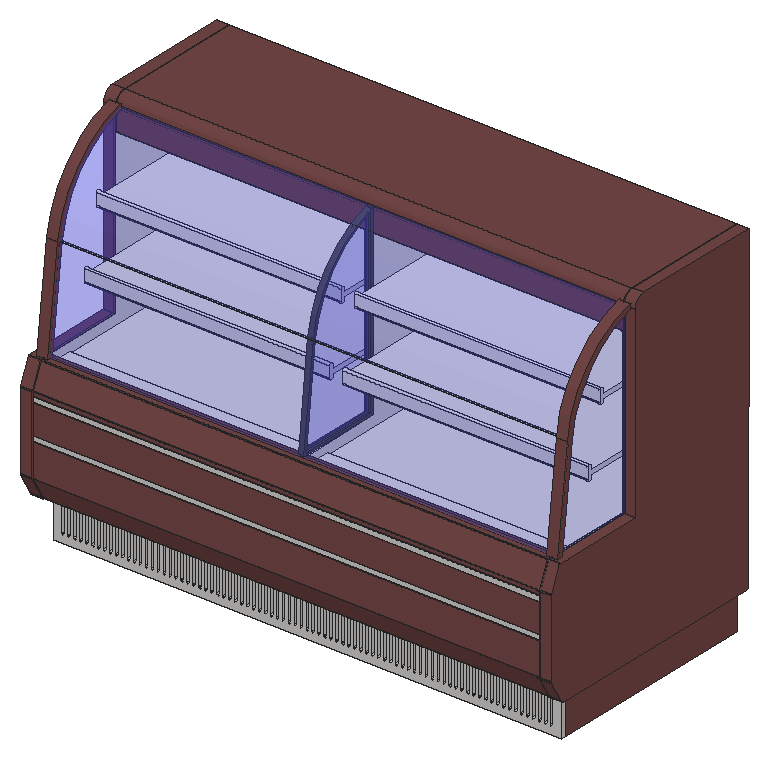
Revit family "QF_Turbo Air_TCGB-72-CO", category Specialty Equipment, Revit 2014 (continued)
Automatic sketch dimensions
  plane 14 "Bottom Front" to Extrusion 3 sketch curve = 0' - 0.63919"
  Extrusion 3 sketch curve to plane 14 "Bottom Front" = 0' - 0.04309"
  Extrusion 3 sketch curve to plane 13 "TOP" = 0' - 1 3/4"
  Extrusion 3 sketch curve to plane 14 "Bottom Front" = 0' - 10"
  Extrusion 3 sketch curve to Extrusion 3 sketch curve = 0' - 1 1/2"
  Extrusion 3 sketch curve to plane 18 "Upper Shelf" = 0' - 4.05903"
  Extrusion 3 sketch curve to Extrusion 3 sketch curve = 0' - 2.18672"
  Extrusion 3 sketch curve to Extrusion 3 sketch curve = 0' - 0.08456"
  Extrusion 3 sketch curve to Extrusion 3 sketch curve = 0' - 0 1/4"
  Extrusion 4 sketch curve to Extrusion 4 sketch curve = 0' - 0"  (x2)
  Extrusion 4 sketch curve to plane 10 "Panel Lower" = 0' - 0"
  Extrusion 4 sketch curve to plane 5 "FRONT" = 0' - 1.93234"
  Extrusion 4 sketch curve to Extrusion 4 sketch curve = 0' - 0.69266"
  plane 14 "Bottom Front" to Extrusion 4 sketch curve = 0' - 0.63919"
  Extrusion 4 sketch curve to plane 14 "Bottom Front" = 0' - 0.04309"
  Extrusion 4 sketch curve to plane 13 "TOP" = 0' - 1 3/4"
  Extrusion 4 sketch curve to plane 14 "Bottom Front" = 0' - 10"
  Extrusion 4 sketch curve to Extrusion 4 sketch curve = 0' - 1 1/2"
  Extrusion 4 sketch curve to plane 18 "Upper Shelf" = 0' - 4.05903"
  Extrusion 4 sketch curve to Extrusion 4 sketch curve = 0' - 2.18672"
  Extrusion 4 sketch curve to Extrusion 4 sketch curve = 0' - 0.08456"
  Extrusion 4 sketch curve to Extrusion 4 sketch curve = 0' - 0 1/4"
  Extrusion 5 sketch curve to plane 10 "Panel Lower" = 0' - 0"
  plane 14 "Bottom Front" to Extrusion 5 sketch curve = 0' - 1 5/8"
  Extrusion 5 sketch curve to plane 14 "Bottom Front" = 0' - 0.04309"
  Extrusion 5 sketch curve to plane 14 "Bottom Front" = 0' - 10"
  Extrusion 5 sketch curve to plane 18 "Upper Shelf" = 0' - 4.05903"
  Extrusion 5 sketch curve to Extrusion 5 sketch curve = 0' - 3.68672"
  Extrusion 5 sketch curve to plane 18 "Upper Shelf" = 0' - 2.35202"
  Extrusion 6 sketch curve to plane 10 "Panel Lower" = 0' - 0"
  plane 14 "Bottom Front" to Extrusion 6 sketch curve = 0' - 1 5/8"
  Extrusion 6 sketch curve to plane 14 "Bottom Front" = 0' - 0.04309"
  Extrusion 6 sketch curve to plane 14 "Bottom Front" = 0' - 10"
  Extrusion 6 sketch curve to plane 18 "Upper Shelf" = 0' - 4.05903"
  Extrusion 6 sketch curve to Extrusion 6 sketch curve = 0' - 3.68672"
  Extrusion 6 sketch curve to plane 18 "Upper Shelf" = 0' - 2.35202"
  Extrusion 7 sketch curve to Extrusion 7 sketch curve = 0' - 0"  (x2)
  Extrusion 7 sketch curve to plane 13 "TOP" = 0' - 0"
  Extrusion 7 sketch curve to plane 19 "Door Top" = 0' - 0"
  Extrusion 7 sketch curve to plane 20 "Door Bottom" = 0' - 0"
  Extrusion 7 sketch curve to plane 9 "BACK" = 0' - 0"  (x2)
  Extrusion 7 sketch curve to Extrusion 7 sketch curve = 0' - 2 3/8"
  Extrusion 7 sketch curve to plane 13 "TOP" = 0' - 0 3/4"
  plane 9 "BACK" to Extrusion 7 sketch curve = 0' - 2 3/8"
  Extrusion 7 sketch curve to plane 14 "Bottom Front" = 0' - 11 1/2"
  Extrusion 7 sketch curve to Extrusion 7 sketch curve = 0' - 1.15244"
  Extrusion 7 sketch curve to Extrusion 7 sketch curve = 0' - 0.22256"
  Extrusion 7 sketch curve to plane 11 "Inside Bottom" = 0' - 6 13/16"
  Extrusion 7 sketch curve to plane 19 "Door Top" = 0' - 1 1/16"
  Extrusion 9 sketch curve to plane 14 "Bottom Front" = 0' - 0 1/4"
  plane 9 "BACK" to Extrusion 9 sketch curve = 0' - 0 1/4"
  Extrusion 9 sketch curve to plane 8 "Inside Right" = 0' - 0 1/4"
  plane 7 "Inside Left" to Extrusion 9 sketch curve = 0' - 0 1/4"
  Extrusion 10 sketch curve to plane 8 "Inside Right" = 0' - 0"
  Extrusion 12 sketch curve to plane 19 "Door Top" = 0' - 0"
  Extrusion 12 sketch curve to plane 20 "Door Bottom" = 0' - 0"
  Extrusion 12 sketch curve to plane 9 "BACK" = 0' - 0"
  plane 9 "BACK" to Extrusion 12 sketch curve = 0' - 2 3/8"
  Extrusion 13 sketch curve to plane 19 "Door Top" = 0' - 0"
  Extrusion 13 sketch curve to plane 20 "Door Bottom" = 0' - 0"
  Extrusion 13 sketch curve to plane 9 "BACK" = 0' - 0"
  plane 9 "BACK" to Extrusion 13 sketch curve = 0' - 2 3/8"
  Extrusion 14 sketch curve to Extrusion 14 sketch curve = 0' - 0"  (x2)
  Extrusion 14 sketch curve to plane 10 "Panel Lower" = 0' - 0"
  plane 14 "Bottom Front" to Extrusion 14 sketch curve = 0' - 2.06579"
  Extrusion 14 sketch curve to Extrusion 14 sketch curve = 0' - 0.37782"
  plane 14 "Bottom Front" to Extrusion 14 sketch curve = 0' - 0.39109"
  plane 14 "Bottom Front" to Extrusion 14 sketch curve = 0' - 0.01894"
  Extrusion 14 sketch curve to plane 13 "TOP" = 0' - 1.68514"
  Extrusion 14 sketch curve to plane 14 "Bottom Front" = 0' - 10"
  Extrusion 14 sketch curve to Extrusion 14 sketch curve = 0' - 1 1/2"
  Extrusion 14 sketch curve to plane 18 "Upper Shelf" = 0' - 4.05903"
  Extrusion 14 sketch curve to Extrusion 14 sketch curve = 0' - 2.18672"
  Extrusion 14 sketch curve to Extrusion 14 sketch curve = 0' - 0.04612"
  Extrusion 14 sketch curve to Extrusion 14 sketch curve = 0' - 0.18514"
  Extrusion 15 sketch curve to plane 10 "Panel Lower" = 0' - 0"
  Extrusion 15 sketch curve to plane 14 "Bottom Front" = 0' - 0"
  Extrusion 15 sketch curve to plane 10 "Panel Lower" = 0' - 0 3/8"
  plane 14 "Bottom Front" to Extrusion 15 sketch curve = 0' - 1.20917"
  plane 12 "Panel Bottom" to Extrusion 15 sketch curve = 0' - 0 1/2"
  Extrusion 15 sketch curve to plane 5 "FRONT" = 0' - 2.09151"
  Extrusion 15 sketch curve to Extrusion 15 sketch curve = 0' - 0.14434"
  plane 12 "Panel Bottom" to Extrusion 15 sketch curve = 0' - 0 3/16"
  Extrusion 15 sketch curve to Extrusion 15 sketch curve = 0' - 0.10825"
  Extrusion 15 sketch curve to Extrusion 15 sketch curve = 0' - 1.29074"
  Extrusion 15 sketch curve to plane 10 "Panel Lower" = 0' - 0 1/8"
  Extrusion 15 sketch curve to Extrusion 15 sketch curve = 0' - 0.16283"
  Extrusion 15 sketch curve to plane 10 "Panel Lower" = 0' - 0.07447"
  Extrusion 15 sketch curve to plane 5 "FRONT" = 0' - 0 7/16"  (x3)
  Extrusion 15 sketch curve to plane 5 "FRONT" = 0' - 0 3/16"  (x2)
  Extrusion 15 sketch curve to plane 5 "FRONT" = 0' - 0.07925"
  Extrusion 15 sketch curve to plane 5 "FRONT" = 0' - 0.07317"
  Extrusion 15 sketch curve to plane 5 "FRONT" = 0' - 0 1/16"  (x3)
  plane 12 "Panel Bottom" to Extrusion 15 sketch curve = 0' - 0 1/8"
  plane 12 "Panel Bottom" to Extrusion 15 sketch curve = 0' - 3.23534"
  Extrusion 15 sketch curve to Extrusion 15 sketch curve = 0' - 0.06699"
  Extrusion 15 sketch curve to Extrusion 15 sketch curve = 0' - 4.43208"
  Extrusion 15 sketch curve to Extrusion 15 sketch curve = 0' - 0 3/4"
  Extrusion 15 sketch curve to plane 11 "Inside Bottom" = 0' - 2.5156"
  Extrusion 15 sketch curve to Extrusion 15 sketch curve = 0' - 0 13/16"
  Extrusion 15 sketch curve to Extrusion 15 sketch curve = 0' - 0.48332"
  Extrusion 15 sketch curve to Extrusion 15 sketch curve = 0' - 0.05278"
  Extrusion 16 sketch curve to plane 5 "FRONT" = 0' - 0 1/16"  (x2)
  Extrusion 16 sketch curve to Extrusion 16 sketch curve = 0' - 0 3/8"  (x2)
  Extrusion 16 sketch curve to plane 11 "Inside Bottom" = 0' - 7.2031"
  Extrusion 16 sketch curve to Extrusion 16 sketch curve = 0' - 0 5/8"
  Extrusion 16 sketch curve to plane 11 "Inside Bottom" = 0' - 2.4531"
  Extrusion 16 sketch curve to Extrusion 16 sketch curve = 0' - 0 11/16"
  Extrusion 17 sketch curve to plane 14 "Bottom Front" = 0' - 0"
  Extrusion 17 sketch curve to plane 11 "Inside Bottom" = 0' - 0"
  Extrusion 17 sketch curve to plane 20 "Door Bottom" = 0' - 0 1/16"
  plane 14 "Bottom Front" to Extrusion 17 sketch curve = 0' - 1.20917"
  plane 12 "Panel Bottom" to Extrusion 17 sketch curve = 0' - 0 1/2"
  Extrusion 17 sketch curve to plane 5 "FRONT" = 0' - 2.09151"
  Extrusion 17 sketch curve to plane 10 "Panel Lower" = 0' - 0 3/8"
  Extrusion 17 sketch curve to Extrusion 17 sketch curve = 0' - 1.29074"
  Extrusion 17 sketch curve to plane 5 "FRONT" = 0' - 0 7/16"
  Extrusion 17 sketch curve to plane 14 "Bottom Front" = 0' - 1 7/8"
  plane 9 "BACK" to Extrusion 17 sketch curve = 0' - 2 3/8"
  Extrusion 17 sketch curve to Extrusion 17 sketch curve = 0' - 2.86482"
  Extrusion 17 sketch curve to Extrusion 17 sketch curve = 0' - 4.88518"
  Extrusion 17 sketch curve to plane 11 "Inside Bottom" = 0' - 1.21978"
  Extrusion 18 sketch curve to plane 11 "Inside Bottom" = 0' - 0"
  plane 9 "BACK" to Extrusion 18 sketch curve = 0' - 5 1/8"
  Extrusion 18 sketch curve to plane 13 "TOP" = 0' - 0 3/4"
  plane 9 "BACK" to Extrusion 18 sketch curve = 0' - 2 3/8"
  Extrusion 19 sketch curve to plane 11 "Inside Bottom" = 0' - 0"
  plane 9 "BACK" to Extrusion 19 sketch curve = 0' - 5 1/8"
  Extrusion 19 sketch curve to plane 13 "TOP" = 0' - 0 3/4"
  plane 9 "BACK" to Extrusion 19 sketch curve = 0' - 2 3/8"
  Extrusion 20 sketch curve to plane 20 "Door Bottom" = 0' - 0"
  Extrusion 20 sketch curve to plane 19 "Door Top" = 0' - 0"
  Extrusion 20 sketch curve to plane 11 "Inside Bottom" = 0' - 0"
  Extrusion 20 sketch curve to plane 13 "TOP" = 0' - 0 3/4"
  plane 9 "BACK" to Extrusion 20 sketch curve = 0' - 5 1/8"  (x2)
  plane 9 "BACK" to Extrusion 20 sketch curve = 0' - 2 3/8"  (x2)
  Extrusion 21 sketch curve to plane 13 "TOP" = 0' - 1 3/4"
  Extrusion 21 sketch curve to plane 14 "Bottom Front" = 0' - 10 1/8"
  Extrusion 21 sketch curve to Extrusion 21 sketch curve = 0' - 0.22256"
  Extrusion 21 sketch curve to Extrusion 21 sketch curve = 0' - 1.15244"
  Extrusion 21 sketch curve to Extrusion 21 sketch curve = 0' - 0 1/8"
  plane 19 "Door Top" to Extrusion 21 sketch curve = 0' - 0 13/16"
  plane 9 "BACK" to Extrusion 21 sketch curve = 0' - 5 1/8"
  Extrusion 21 sketch curve to Extrusion 21 sketch curve = 0' - 0 1/4"
  Extrusion 22 sketch curve to plane 10 "Panel Lower" = 0' - 0"
  Extrusion 22 sketch curve to plane 11 "Inside Bottom" = 0' - 0"  (x3)
  Extrusion 22 sketch curve to plane 20 "Door Bottom" = 0' - 0 1/16"
  plane 14 "Bottom Front" to Extrusion 22 sketch curve = 0' - 1.20917"
  Extrusion 22 sketch curve to plane 14 "Bottom Front" = 0' - 1 7/8"
  Extrusion 22 sketch curve to Extrusion 22 sketch curve = 0' - 0 1/16"  (x3)
  Extrusion 22 sketch curve to Extrusion 22 sketch curve = 0' - 8 1/16"
  plane 19 "Door Top" to Extrusion 22 sketch curve = 0' - 0 13/16"
  Extrusion 22 sketch curve to Extrusion 22 sketch curve = 0' - 1 1/2"  (x2)
  Extrusion 22 sketch curve to plane 20 "Door Bottom" = 0' - 0 3/8"  (x2)
  plane 9 "BACK" to Extrusion 22 sketch curve = 0' - 6 3/4"
  plane 9 "BACK" to Extrusion 22 sketch curve = 0' - 5 1/8"
  Extrusion 22 sketch curve to plane 19 "Door Top" = 0' - 1 1/16"
  Extrusion 22 sketch curve to plane 13 "TOP" = 0' - 1 3/4"
  Extrusion 23 sketch curve to plane 10 "Panel Lower" = 0' - 0"
  Extrusion 23 sketch curve to plane 11 "Inside Bottom" = 0' - 0"  (x3)
  Extrusion 23 sketch curve to plane 20 "Door Bottom" = 0' - 0 1/16"
  plane 14 "Bottom Front" to Extrusion 23 sketch curve = 0' - 1.20917"
  Extrusion 23 sketch curve to plane 14 "Bottom Front" = 0' - 1 7/8"
  Extrusion 23 sketch curve to Extrusion 23 sketch curve = 0' - 0 1/16"  (x3)
  Extrusion 23 sketch curve to Extrusion 23 sketch curve = 0' - 8 1/16"
  plane 19 "Door Top" to Extrusion 23 sketch curve = 0' - 0 13/16"
  Extrusion 23 sketch curve to Extrusion 23 sketch curve = 0' - 1 1/2"  (x2)
  Extrusion 23 sketch curve to plane 20 "Door Bottom" = 0' - 0 3/8"  (x2)
  plane 9 "BACK" to Extrusion 23 sketch curve = 0' - 6 3/4"
  plane 9 "BACK" to Extrusion 23 sketch curve = 0' - 5 1/8"
  Extrusion 23 sketch curve to plane 19 "Door Top" = 0' - 1 1/16"
  Extrusion 23 sketch curve to plane 13 "TOP" = 0' - 1 3/4"
  Extrusion 24 sketch curve to plane 11 "Inside Bottom" = 0' - 0"  (x2)
  Extrusion 24 sketch curve to plane 20 "Door Bottom" = 0' - 0 3/8"  (x2)
  Extrusion 24 sketch curve to plane 14 "Bottom Front" = 0' - 1 15/16"
  plane 9 "BACK" to Extrusion 24 sketch curve = 0' - 6 3/4"
  Extrusion 24 sketch curve to Extrusion 24 sketch curve = 0' - 0 1/16"
  Extrusion 24 sketch curve to Extrusion 24 sketch curve = 0' - 1 1/2"
  Extrusion 25 sketch curve to plane 17 "Lower Shelf" = 0' - 0"
  Extrusion 25 sketch curve to plane 18 "Upper Shelf" = 0' - 0"
  Extrusion 25 sketch curve to plane 17 "Lower Shelf" = 0' - 1"
  Extrusion 25 sketch curve to plane 14 "Bottom Front" = 0' - 4 3/8"
  Extrusion 25 sketch curve to Extrusion 25 sketch curve = 0' - 0 3/16"  (x4)
  Extrusion 25 sketch curve to plane 18 "Upper Shelf" = 0' - 1"
  Extrusion 25 sketch curve to plane 14 "Bottom Front" = 0' - 6 3/8"
  plane 9 "BACK" to Extrusion 25 sketch curve = 0' - 5 1/8"  (x2)
  Extrusion 25 sketch curve to plane 17 "Lower Shelf" = 0' - 0 5/8"
  plane 17 "Lower Shelf" to Extrusion 25 sketch curve = 0' - 0 9/16"
  Extrusion 25 sketch curve to plane 18 "Upper Shelf" = 0' - 0 5/8"
  plane 18 "Upper Shelf" to Extrusion 25 sketch curve = 0' - 0 9/16"
  Extrusion 30 sketch curve to plane 9 "BACK" = 0' - 0"
  Extrusion 30 sketch curve to plane 1 "Handle Back" = 0' - 0"
  Extrusion 30 sketch curve to plane 17 "Lower Shelf" = 0' - 2 1/8"
  Extrusion 30 sketch curve to Extrusion 30 sketch curve = 0' - 0 1/2"  (x2)
  plane 18 "Upper Shelf" to Extrusion 30 sketch curve = 0' - 0 5/8"
  plane 9 "BACK" to Extrusion 31 sketch curve = 0' - 1 3/16"
  plane 9 "BACK" to Extrusion 31 sketch curve = 0' - 0 7/16"
  Extrusion 31 sketch curve to plane 17 "Lower Shelf" = 0' - 2 1/8"
  Extrusion 31 sketch curve to Extrusion 31 sketch curve = 0' - 0 1/2"  (x2)
  plane 18 "Upper Shelf" to Extrusion 31 sketch curve = 0' - 0 5/8"
  Extrusion 34 sketch curve to plane 17 "Lower Shelf" = 0' - 0"
  Extrusion 34 sketch curve to plane 18 "Upper Shelf" = 0' - 0"
  Extrusion 34 sketch curve to plane 17 "Lower Shelf" = 0' - 1"
  Extrusion 34 sketch curve to plane 14 "Bottom Front" = 0' - 4 3/8"
  Extrusion 34 sketch curve to Extrusion 34 sketch curve = 0' - 0 3/16"  (x4)
  Extrusion 34 sketch curve to plane 18 "Upper Shelf" = 0' - 1"
  Extrusion 34 sketch curve to plane 14 "Bottom Front" = 0' - 6 3/8"
  plane 9 "BACK" to Extrusion 34 sketch curve = 0' - 5 1/8"  (x2)
  Extrusion 34 sketch curve to plane 17 "Lower Shelf" = 0' - 0 5/8"
  plane 17 "Lower Shelf" to Extrusion 34 sketch curve = 0' - 0 9/16"
  Extrusion 34 sketch curve to Extrusion 34 sketch curve = 0' - 0 5/8"
  plane 18 "Upper Shelf" to Extrusion 34 sketch curve = 0' - 0 9/16"
  Extrusion 36 sketch curve to plane 11 "Inside Bottom" = 0' - 0"  (x2)
  Extrusion 36 sketch curve to plane 20 "Door Bottom" = 0' - 0 3/8"  (x2)
  Extrusion 36 sketch curve to plane 14 "Bottom Front" = 0' - 1 15/16"
  plane 9 "BACK" to Extrusion 36 sketch curve = 0' - 6 3/4"
  Extrusion 36 sketch curve to Extrusion 36 sketch curve = 0' - 0 1/16"
  Extrusion 36 sketch curve to Extrusion 36 sketch curve = 0' - 1 1/2"
  Extrusion 37 sketch curve to plane 10 "Panel Lower" = 0' - 0"
  plane 14 "Bottom Front" to Extrusion 37 sketch curve = 0' - 0.01894"
  Extrusion 37 sketch curve to plane 18 "Upper Shelf" = 0' - 4.05903"
  Extrusion 37 sketch curve to plane 18 "Upper Shelf" = 0' - 2.34434"
  Extrusion 37 sketch curve to Extrusion 37 sketch curve = 0' - 0 1/4"
  Extrusion 37 sketch curve to Extrusion 37 sketch curve = 0' - 0.33281"
  plane 10 "Panel Lower" to Extrusion 37 sketch curve = 0' - 0 1/4"
  Extrusion 37 sketch curve to Extrusion 37 sketch curve = 0' - 0.28257"
  Extrusion 37 sketch curve to Extrusion 37 sketch curve = 0' - 0.03075"
  Extrusion 37 sketch curve to Extrusion 37 sketch curve = 0' - 0"  (x2)
  Extrusion 37 sketch curve to Extrusion 37 sketch curve = 0' - 0.2481"
  plane 19 "Door Top" to Extrusion 38 sketch curve = 0' - 1.54455"
  Extrusion 38 sketch curve to plane 14 "Bottom Front" = 0' - 9 3/4"
  Extrusion 38 sketch curve to plane 18 "Upper Shelf" = 0' - 4.05903"
  Extrusion 38 sketch curve to Extrusion 38 sketch curve = 0' - 3.93672"
  Extrusion 38 sketch curve to plane 14 "Bottom Front" = 0' - 0.22916"
  plane 10 "Panel Lower" to Extrusion 38 sketch curve = 0' - 0 1/4"
  plane 14 "Bottom Front" to Extrusion 38 sketch curve = 0' - 1.4054"
  Extrusion 37 sketch curve to Extrusion 37 sketch curve = 0' - 11.4054"
  Extrusion 37 sketch curve to plane 14 "Bottom Front" = 0' - 9 3/4"
  Extrusion 35 sketch curve to plane 11 "Inside Bottom" = 0' - 0"
  Extrusion 35 sketch curve to plane 10 "Panel Lower" = 0' - 0"
  Extrusion 35 sketch curve to plane 19 "Door Top" = 0' - 0"
  Extrusion 35 sketch curve to plane 20 "Door Bottom" = 0' - 0"
  Extrusion 35 sketch curve to plane 20 "Door Bottom" = 0' - 0 1/16"
  plane 14 "Bottom Front" to Extrusion 35 sketch curve = 0' - 1.20917"
  Extrusion 35 sketch curve to plane 14 "Bottom Front" = 0' - 1 7/8"
  Extrusion 35 sketch curve to plane 19 "Door Top" = 0' - 1 1/16"
  Extrusion 35 sketch curve to plane 14 "Bottom Front" = 0' - 10"
  Extrusion 35 sketch curve to Extrusion 35 sketch curve = 0' - 0 1/16"
  Extrusion 35 sketch curve to Extrusion 35 sketch curve = 0' - 1 1/2"
  plane 9 "BACK" to Extrusion 35 sketch curve = 0' - 5 1/8"  (x2)
  plane 9 "BACK" to Extrusion 35 sketch curve = 0' - 2 3/8"
  Extrusion 35 sketch curve to Extrusion 35 sketch curve = 0' - 0 13/16"
  Extrusion 35 sketch curve to plane 13 "TOP" = 0' - 1 3/4"
  curve 11 to plane 7 "Inside Left" = 0' - 0"
  plane 1 "Handle Back" to curve 18 = 0' - 0"
  curve 17 to plane 8 "Inside Right" = 0' - 0"
  curve 16 to plane 8 "Inside Right" = 0' - 0"
  curve 18 to plane 16 "Door Right" = 0' - 1"
  curve 18 to curve 20 = 0' - 0 1/4"
  plane 22 to curve 26 = 0' - 0 1/4"
  curve 25 to plane 23 = 0' - 0 1/4"
  curve 13 to curve 24 = 0' - 0.25188"
  plane 14 "Bottom Front" to curve 26 = 0' - 0.39109"
  curve 21 to curve 12 = 0' - 0.07996"
  curve 22 to curve 12 = 0' - 0.07996"
  curve 9 to curve 6 = 0' - 0.07996"
  Extrusion 11 sketch curve to plane 15 "Door Left" = 0' - 0"
  Extrusion 11 sketch curve to plane 22 = 0' - 0"
  Extrusion 11 sketch curve to plane 21 "CENTER LR" = 0' - 0"
  Extrusion 11 sketch curve to plane 23 = 0' - 0"
  Extrusion 11 sketch curve to plane 16 "Door Right" = 0' - 0"
  Extrusion 11 sketch curve to plane 15 "Door Left" = 0' - 0 3/16"
  Extrusion 11 sketch curve to Extrusion 11 sketch curve = 0' - 0 7/16"  (x78)
  Extrusion 11 sketch curve to Extrusion 11 sketch curve = 0' - 0 3/16"  (x80)
  Extrusion 11 sketch curve to plane 22 = 0' - 0 3/8"
  plane 23 to Extrusion 11 sketch curve = 0' - 0 3/16"
  plane 6 "Bottom" to Extrusion 11 sketch curve = 0' - 1 1/4"  (x12)
  Extrusion 11 sketch curve to Extrusion 11 sketch curve = 0' - 0"  (x142)
  Extrusion 11 sketch curve to plane 12 "Panel Bottom" = 0' - 0 15/16"  (x12)
  radius of Extrusion 32 sketch curve = 0' - 0 9/16"  (x4)
  radius of Extrusion 33 sketch curve = 0' - 0 1/4"
Connectors (in)
  electrical at (19.68427, -0.6875, 6), driven by "Number of Poles", driven by "Volts", driven by "Apparent Power"
    settings: on Extrusion 33, index 1, voltage 115 V, apparent load 747.5 VA, apparent load phase1 0 VA, apparent load phase2 0 VA, apparent load phase3 0 VA, power factor 1, load classification "Other", number of poles 1, system type 30, power factor state 1, is connector primary yes, connector utility no, sub classification motor no, connector description "Electric"
